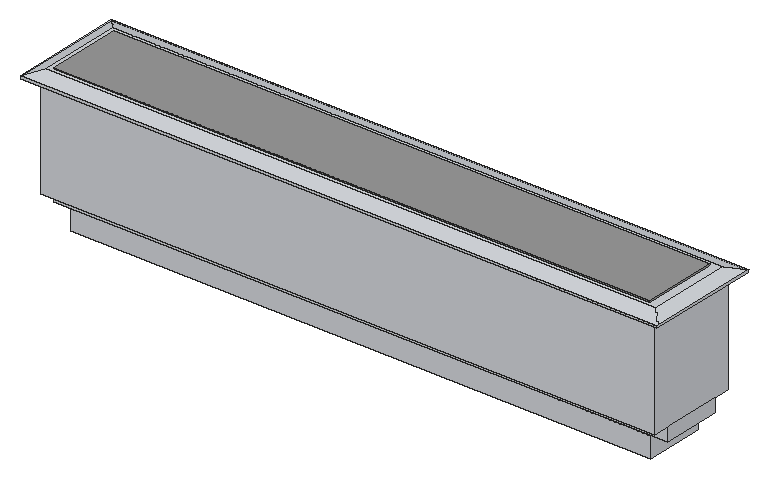
Revit family "2061285 Sylvania Lighting Fixture DOMINO 10xLED 930 OPAL WB TRIM BLACK", category Lighting Fixtures, host Face, Revit 2018
Family settings
  Host = Face
  Round Connector Dimension = Use Diameter
  Part Type = Normal
  OmniClass Number = 23.80.70.00
  OmniClass Title = Lighting
  Cut with Voids When Loaded = No
  Light Source = Yes
  Shared = No
  Room Calculation Point = No
Parameters (values of type "2061285 DOMINO 10XLED 930 OPAL WB TR BLK ")
  top top width = 15.812 mm
  top top length = 255 mm
  Width = 50 mm
  Weight = "n/a"
  Wattage Comments = ""
  Wattage = 9.2903 W
  WarrantyStartDate [instance] = "n/a"
  WarrantyGuarantorParts = "n/a"
  WarrantyDurationUnit = "n/a"
  WarrantyDurationParts = ""
  WarrantyDescription = "http://www.sylvania-lighting.com"
  built-in parameter 1150110 = 1 (stored number, unit not read)
  Voltage = 0 V
  URL = "0.95"
  TypeName = "DOMINO 10xLED 930 OPAL WB TRIM BLACK"
  Type Image = <None>
  Type Comments = "n/a"
  built-in parameter 1114217 = 1 (stored number, unit not read)
  Top Width = 26 mm
  Tilt Angle = 90.00°
  built-in parameter 1150109 = 1 (stored number, unit not read)
  built-in parameter 1150134 = 3
  built-in parameter 1150113 = 1 (stored number, unit not read)
  SerialNumber [instance] = "n/a"
  Recessed Width = 43 mm
  Recessed Length = 276 mm
  Photometric Web File = "2061285.ies"
  Material_3_FEILO = none
  PowerFactor = 0
  PowerConsumption = "Lighting"
  NominalLength = 50 mm
  NominalHeight = 0 mm
  NominalDepth = 0 mm
  Name = "DOMINO 10xLED 930 OPAL WB TRIM BLACK"
  ModelReference = Name  # "DOMINO 10xLED 930 OPAL WB TRIM BLACK"
  ModelNumber = "2061285"
  Model = Name  # "DOMINO 10xLED 930 OPAL WB TRIM BLACK"
  Material = "Feilo Sylvania"
  ManufacturerName = "61 lm/W"
  Manufacturer = ""
  LuminousEfficacy = ""
  built-in parameter 1150105 = 109.82 (stored number, unit not read)
  Lumens = 1380 lm
  LuminaireType = "0"
  built-in parameter 1150115 = 1 (stored number, unit not read)
  LightOutputRatio = "LED"
  built-in parameter 1150137 = (empty or 0)
  built-in parameter 1150139 = (empty or 0)
  Lens inside recess = 25 mm
  Lens Width = 32 mm
  Lens Outside recess = 31.978 mm
  Lens = Glass, White, High Luminance
  Length = 280 mm
  LampsType = Lamp  # "n/a"
  LampNominalLuminous = "3000 K"
  LampMacAdamStep = "90"
  LampColourTemperature = "LED"
  LampColourRenderingIndex = "16500"
  built-in parameter 1150112 = 1 (stored number, unit not read)
  built-in parameter 1150114 = 1 (stored number, unit not read)
  Lamp = "n/a"
  Keynote = "n/a"
  InstallationDate [instance] = "n/a"
  InputVoltage = "0"
  InputNominalFrequency = "3000"
  built-in parameter 1150132 = (empty or 0)
  built-in parameter 1150102 = (empty or 0)
  built-in parameter 1150107 = 3200 (stored number, unit not read)
  built-in parameter 1150138 = (empty or 0)
  IngressProtection = "IfcLightFixtureType"
  ImpactProtectionIndex = "IfcLightFixtureType"
  built-in parameter 1150106 = 1.0982 (stored number, unit not read)
  IfcExportType = "IfcLightFixtureType"
  IfcExportAs = "Class II"
  Facia internal width = 37 mm
  Facia internal length = 268 mm
  Facia Height = 2 mm
  ExpectedLife = 50000
  Emit from Circle Diameter = 609.6 mm
  Emit Shape Visible in Rendering = no
  ElectricShockClassification = "61"
  built-in parameter 1150104 = 13.8 (stored number, unit not read)
  DurationUnit = "hours"
  DocumentationLiterature = "http://www.sylvania-lighting.com/product/en-int/products/2061285"
  DimmingControlOptions = "n/a"
  Material_2_FEILO = none
  Dimming Lamp Color Temperature Shift = <None>
  Description = "Modular LED recessed linear spotlight, ideal for retail and hospitality applications. Die-cast aluminium body, passive cooling. Two levels of reflector installation, low glaring. 10x LED source, wide beam angle , optics: PMMA lens and polycarbonate reflector combination, opaline diffuser. Light color temperature: 3000K warm white, total system power: 23W , total fixture lumen output: 1400lm, efficacy: 61 lm/W, Ra90 typical, LED chromacity: 3 step MacAdam ellipse (SDCM3), lifespan: 96,000 hours at 90% of the original output (L90B10), IR/UV free light source without heat radiation, operating voltage: 220-240V / 50-60Hz, electronic driver, ultra low flicker, non-dimmable , electrical protection: Class II. Degree of Protection: IP40/IP20, suitable for indoor environment only. Ceiling cut-out: 43x43mm, outer dimensions:  280x50mm trim frame RAL 9005 - Jet black color.5 years Warranty."
  Default Elevation = 1219.2 mm
  CreatedOn = "23/02/2021"
  CreatedBy = "@sylvania-lighting.com"
  Cost = 0
  Color Filter = 16777215
  built-in parameter 1114216 [instance] = (empty or 0)
  ClassificationValue = "EF_70_80"
  ClassificationName = "Uniclass2015"
  Material_1_FEILO = none
  Body Width = 40 mm
  Body Length = 270 mm
  BarCode [instance] = "n/a"
  built-in parameter 1114218 = 1 (stored number, unit not read)
  built-in parameter 1150133 = 10 (stored number, unit not read)
  AssetType = "Fixed"
  AssetIdentifier [instance] = "n/a"
  Assembly Code = "D5020200"
  Apparent Load = 23 VA
  Material_4_FEILO = none
Reference planes
  plane 1 "Center (Front/Back)": y = 0
  plane 2: z = 0
  plane 3 "Center (Left/Right)": x = 0
  plane 4: z = 0
  plane 5: z = -7
  plane 6: z = -45.895
  plane 7: z = -51.895
  plane 8: z = -60.895
  plane 9: x = -138
  plane 10: x = 138
  plane 11: y = 21.5
  plane 12: y = -21.5
  plane 13: x = -140
  plane 14: x = 140
  plane 15: y = 25
  plane 16: y = -25
  plane 17: x = 134
  plane 18: x = -134
  plane 19: y = 18.5
  plane 20: y = -18.5
  plane 21: z = 2
  plane 22: x = -135
  plane 23: x = 135
  plane 24: y = 20
  plane 25: y = -20
  plane 26: y = 13
  plane 27: y = -13
  plane 28: x = 127.5
  plane 29: x = -127.5
  plane 30: x = -132
  plane 31: y = 16.5
  plane 32: y = -16.472
  plane 33: y = 13
  plane 34: y = -12.972
  plane 35: x = 129.7
  plane 36: x = 127.224
Forms (mm)
  Extrusion 1, solid, not visible, detail levels medium+fine
    sketch origin (4.2, 0, 0) x (1, 0, 0) y (0, 1, 0)
      loop
        line (-29.2, 34.5) -> (-29.2, -34.5) -> (20.8, -34.5) -> (20.8, 34.5) -> (-29.2, 34.5)
    from 0 to 1
  Extrusion 2, solid, not visible, detail levels medium+fine
    sketch origin (4.044, 0, 0) x (1, 0, 0) y (0, 1, 0)
      loop
        line (-29.2, 34.5) -> (-29.2, -34.5) -> (20.8, -34.5) -> (20.8, 34.5) -> (-29.2, 34.5)
    from 0 to 1
  Blend 3, solid, not visible, detail levels medium+fine
    base sketch origin (4.2, 0, 0) x (1, 0, 0) y (0, 1, 0)
      loop
        line (-29.2, 34.5) -> (-29.2, -34.5) -> (20.8, -34.5) -> (20.8, 34.5) -> (-29.2, 34.5)
    top sketch origin (4.2, 0, 0) x (1, 0, 0) y (0, 1, 0)
      loop
        line (-21.7, 28) -> (-21.7, -28) -> (13.3, -28) -> (13.3, 28) -> (-21.7, 28)
    from 1 to 3
  Extrusion 4, solid, not visible, detail levels medium+fine
    sketch origin (3.419, 0, 0) x (1, 0, 0) y (0, 1, 0)
      loop
        line (-29.2, 34.5) -> (-29.2, -34.5) -> (20.8, -34.5) -> (20.8, 34.5) -> (-29.2, 34.5)
    from 0 to 1
  Blend 5, solid, not visible, detail levels medium+fine
    base sketch origin (3.575, 0, 0) x (1, 0, 0) y (0, 1, 0)
      loop
        line (-29.2, 34.5) -> (-29.2, -34.5) -> (20.8, -34.5) -> (20.8, 34.5) -> (-29.2, 34.5)
    top sketch origin (3.575, 0, 0) x (1, 0, 0) y (0, 1, 0)
      loop
        line (-21.7, 28) -> (-21.7, -28) -> (13.3, -28) -> (13.3, 28) -> (-21.7, 28)
    from 1 to 3
  Extrusion 6, solid, not visible, detail levels medium+fine
    sketch origin (4.247, 0, 0) x (1, 0, 0) y (0, 1, 0)
      loop
        line (-29.2, 34.5) -> (-29.2, -34.5) -> (20.8, -34.5) -> (20.8, 34.5) -> (-29.2, 34.5)
    from 0 to 1
  Blend 7, solid, not visible, detail levels medium+fine
    base sketch origin (4.403, 0, 0) x (1, 0, 0) y (0, 1, 0)
      loop
        line (-29.2, 34.5) -> (-29.2, -34.5) -> (20.8, -34.5) -> (20.8, 34.5) -> (-29.2, 34.5)
    top sketch origin (4.403, 0, 0) x (1, 0, 0) y (0, 1, 0)
      loop
        line (-21.7, 28) -> (-21.7, -28) -> (13.3, -28) -> (13.3, 28) -> (-21.7, 28)
    from 1 to 3
  Extrusion 8, void, detail levels medium+fine
    sketch origin (4.2, 0, 0) x (0, 1, 0) y (1, 0, 0)
      loop
        line (21.5, -142.2) -> (21.5, 133.8) -> (-21.5, 133.8) -> (-21.5, -142.2) -> (21.5, -142.2)
    from -9.934 to 83.097
  Extrusion 9, solid, detail levels medium+fine
    sketch origin (4.2, 0, 0) x (1, 0, 0) y (0, 1, 0)
      loop
        line (-144.2, 25) -> (-144.2, -25) -> (135.8, -25) -> (135.8, 25) -> (-144.2, 25)
    from 0 to 1
  Extrusion 10, solid, detail levels medium+fine
    sketch origin (4.2, 0, 0) x (1, 0, 0) y (0, 1, 0)
      loop
        line (-139.2, 20) -> (-139.2, -20) -> (130.8, -20) -> (130.8, 20) -> (-139.2, 20)
    from 0 to -45.895
  Extrusion 11, solid, detail levels medium+fine
    sketch origin (4.2, 0, 0) x (1, 0, 0) y (0, 1, 0)
      loop
        line (-139.2, 13) -> (-139.2, -13) -> (130.8, -13) -> (130.8, 13) -> (-139.2, 13)
    from -51.895 to -45.895
  Extrusion 12, solid, material "Glass, White, High Luminance" <- "Lens", detail levels fine
    sketch origin (-53.155, 1221.106, 36.156) x (1, 0, 0) y (0, 1, 0)
      loop
        line (-78.845, -1204.606) -> (-78.845, -1237.578) -> (182.855, -1237.578) -> (182.855, -1204.606) -> (-78.845, -1204.606)
    from -43.156 to -32.703
  Blend 13, solid, detail levels medium+fine
    base sketch origin (4.2, 0, 0) x (1, 0, 0) y (0, 1, 0)
      loop
        line (-144.2, 25) -> (-144.2, -25) -> (135.8, -25) -> (135.8, 25) -> (-144.2, 25)
    top sketch origin (4.2, 0, 0) x (1, 0, 0) y (0, 1, 0)
      loop
        line (-138.2, 18.5) -> (-138.2, -18.5) -> (129.8, -18.5) -> (129.8, 18.5) -> (-138.2, 18.5)
    from 1 to 3
  Extrusion 14, solid, detail levels fine
    sketch origin (0, 0, 0) x (1, 0, 0) y (0, 0, 1)
      loop
        line (-127.5, -51.895) -> (-127.5, -60.895) -> (127.5, -60.895) -> (127.5, -51.895) -> (-127.5, -51.895)
    from -13 to 13
  Extrusion 15, solid, detail levels coarse
    sketch origin (4.2, 0, 0) x (1, 0, 0) y (0, 1, 0)
      loop
        line (-144.2, 25) -> (-144.2, -25) -> (135.8, -25) -> (135.8, 25) -> (-144.2, 25)
    from -60.895 to 3
Dimensions and locks
  "Recessed Length": plane 9 to plane 10
  equal spacing: plane 9, plane 3 "Center (Left/Right)", plane 10
  "Length": plane 13 to plane 14
  equal spacing: plane 13, plane 3 "Center (Left/Right)", plane 14
  "Recessed Width": plane 11 to plane 12
  equal spacing: plane 11, plane 1 "Center (Front/Back)", plane 12
  "Width": plane 15 to plane 16
  equal spacing: plane 15, plane 1 "Center (Front/Back)", plane 16
  "Facia internal length": plane 18 to plane 17
  equal spacing: plane 18, plane 3 "Center (Left/Right)", plane 17
  "Facia internal width": plane 19 to plane 20
  equal spacing: plane 19, plane 1 "Center (Front/Back)", plane 20
  "Facia Height": plane 21 to host face
  "Body Length": plane 22 to plane 23
  equal spacing: plane 22, plane 3 "Center (Left/Right)", plane 23
  "Body Width": plane 24 to plane 25
  equal spacing: plane 24, plane 1 "Center (Front/Back)", plane 25
  "Top Width": plane 26 to plane 27
  equal spacing: plane 26, plane 1 "Center (Front/Back)", plane 27
  "top top length": plane 29 to plane 28
  equal spacing: plane 29, plane 3 "Center (Left/Right)", plane 28  (x2)
  plane 28 to plane 29 = 255 mm
  equal spacing: plane 28, plane 3 "Center (Left/Right)", plane 29
  aligned and locked: plane 2 to host face
  aligned and locked: level to host face
  aligned and locked: Extrusion 11 to plane 7
  aligned and locked: Extrusion 10 to plane 6
  aligned and locked: Extrusion 12 to plane 5
Automatic sketch dimensions
  Extrusion 1 sketch curve to Extrusion 1 sketch curve = 50 mm
  Extrusion 1 sketch curve to Extrusion 1 sketch curve = 69 mm
  Extrusion 2 sketch curve to Extrusion 2 sketch curve = 50 mm
  Extrusion 2 sketch curve to Extrusion 2 sketch curve = 69 mm
  Blend 3 sketch curve to Blend 3 sketch curve = 50 mm
  Blend 3 sketch curve to Blend 3 sketch curve = 69 mm
  Blend 3 sketch curve to Blend 3 sketch curve = 35 mm
  Blend 3 sketch curve to Blend 3 sketch curve = 56 mm
  Extrusion 4 sketch curve to Extrusion 4 sketch curve = 50 mm
  Extrusion 4 sketch curve to Extrusion 4 sketch curve = 69 mm
  Blend 5 sketch curve to Blend 5 sketch curve = 50 mm
  Blend 5 sketch curve to Blend 5 sketch curve = 69 mm
  Blend 5 sketch curve to Blend 5 sketch curve = 35 mm
  Blend 5 sketch curve to Blend 5 sketch curve = 56 mm
  Extrusion 6 sketch curve to Extrusion 6 sketch curve = 50 mm
  Extrusion 6 sketch curve to Extrusion 6 sketch curve = 69 mm
  Blend 7 sketch curve to Blend 7 sketch curve = 50 mm
  Blend 7 sketch curve to Blend 7 sketch curve = 69 mm
  Blend 7 sketch curve to Blend 7 sketch curve = 35 mm
  Blend 7 sketch curve to Blend 7 sketch curve = 56 mm
  host sketch curve to host sketch curve = 2438.4 mm  (x2)
  Extrusion 8 sketch curve to plane 9 = 0 mm
  Extrusion 8 sketch curve to plane 12 = 0 mm
  Extrusion 8 sketch curve to plane 11 = 0 mm
  Extrusion 8 sketch curve to plane 10 = 0 mm
  Extrusion 9 sketch curve to plane 13 = 0 mm
  Extrusion 9 sketch curve to plane 14 = 0 mm
  Extrusion 9 sketch curve to plane 16 = 0 mm
  Extrusion 9 sketch curve to plane 15 = 0 mm
  Extrusion 10 sketch curve to plane 22 = 0 mm
  Extrusion 10 sketch curve to plane 23 = 0 mm
  Extrusion 10 sketch curve to plane 25 = 0 mm
  Extrusion 10 sketch curve to plane 24 = 0 mm
  Extrusion 11 sketch curve to plane 22 = 0 mm
  Extrusion 11 sketch curve to plane 23 = 0 mm
  Extrusion 11 sketch curve to plane 27 = 0 mm
  plane 26 to Extrusion 11 sketch curve = 0 mm
  Extrusion 12 sketch curve to plane 27 = 3.472 mm
  plane 26 to Extrusion 12 sketch curve = 3.5 mm
  plane 30 to Extrusion 12 sketch curve = 0 mm
  Blend 13 sketch curve to plane 13 = 0 mm
  Blend 13 sketch curve to plane 14 = 0 mm
  Blend 13 sketch curve to plane 16 = 0 mm
  Blend 13 sketch curve to plane 15 = 0 mm
  Blend 13 sketch curve to plane 18 = 0 mm
  Blend 13 sketch curve to plane 17 = 0 mm
  Blend 13 sketch curve to plane 20 = 0 mm
  Blend 13 sketch curve to plane 19 = 0 mm
  Extrusion 14 sketch curve to plane 8 = 0 mm
  Extrusion 14 sketch curve to plane 29 = 0 mm
  Extrusion 14 sketch curve to plane 28 = 0 mm
  Extrusion 14 sketch curve to plane 7 = 0 mm
  plane 29 to Extrusion 12 sketch curve = 257.2 mm
  Extrusion 15 sketch curve to plane 13 = 0 mm
  Extrusion 15 sketch curve to plane 14 = 0 mm
  Extrusion 15 sketch curve to plane 16 = 0 mm
  Extrusion 15 sketch curve to plane 15 = 0 mm
Connectors
  electrical at (0, 0, -60.895)
    settings: on Extrusion 14, index 1, voltage 0 V, apparent load 0 VA, apparent load phase1 0 VA, apparent load phase2 0 VA, apparent load phase3 0 VA, power factor 1, load classification "Other", number of poles 1, system type 31, power factor state 1, is connector primary yes, connector utility no, sub classification motor no, connector description ""
